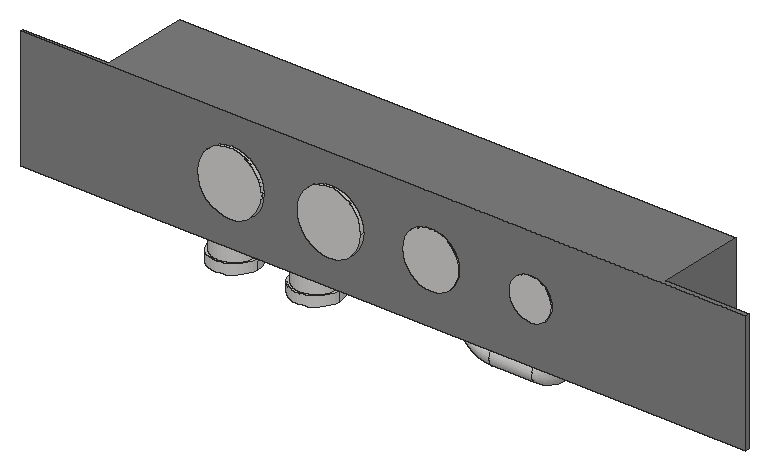
Revit family "5400N", category Generic Models, Revit 2021
Family settings
  Can host rebar = No
  Round Connector Dimension = Use Diameter
  Part Type = Normal
  Work Plane-Based = No
  Always vertical = Yes
  Cut with Voids When Loaded = No
  Shared = No
  Room Calculation Point = No
Parameters
  e-mail = "info@vola.com"
  URL = "http://vola.com"
  Telephone = "+45 7023 5500"
  Quality management standard = "ISO 9001"
  Organisation no. / DUNS no. = "17531328"
  Occupational health and safety management standard = "ISO 18001"
  Mounting Instructions = "http://vola.com/service/producturl.ashx?name=5400N"
  Model = "5400N"
  Materials and components information = "http://vola.com/service/producturl.ashx?name=5400N"
  Manufacturer = "VOLA A/S"
  Maintenance Instructions = "http://vola.com/service/producturl.ashx?name=5400N"
  Guarantee = "2 years"
  Flow = "43,00 l/min"
  Environmental management standard = "ISO 14000"
  Default Elevation = 0.00 mm
  Connection - All relevant connections = ""
  Approvals = "http://vola.com/service/producturl.ashx?name=5400N"
Reference planes
  plane 1 "Center (Front/Back)": y = 0
  plane 2: z = 0
  plane 3 "Center (Left/Right)": x = 0
  plane 4 "Inlet Center Plane": y = -29
  plane 5: z = 85
Forms (mm)
  Extrusion 1, solid, material "Default"
    sketch origin (10, 0, 16) x (1, 0, 0) y (0, 1, 0)
      loop
        line (-147.5, 0) -> (-147.5, -69) -> (288.5, -69) -> (288.5, 0) -> (-147.5, 0)
    from 21.5 to 116.5
  Extrusion 2, solid, material "Default"
    sketch origin (10, -1, 16) x (1, 0, 0) y (0, 1, 0)
      loop
        line (-215, -68) -> (-215, -70.5) -> (353.5, -70.5) -> (353.5, -68) -> (-215, -68)
    from 21.5 to 116.5
  Extrusion 3, solid, material "Stainless Steel"
    sketch origin (-59, -4, 37.5) x (0, 1, 0) y (1, 0, 0)
      loop
        circle (-25, -12) r 16.5
    from 0 to 29.77
  Extrusion 4, solid, material "Stainless Steel"
    sketch origin (5, -4, 37.5) x (0, 1, 0) y (1, 0, 0)
      loop
        circle (-25, -12) r 16.5
    from 0 to 29.77
  Extrusion 5, solid, material "Stainless Steel"
    sketch origin (-51.5, -71.5, 16) x (-1, 0, 0) y (0, 0, -1)
      loop
        circle (-12.5, -69) r 24.89
    from 0 to 2.5
  Extrusion 6, solid, material "Stainless Steel"
    sketch origin (26.5, -71.5, 16) x (-1, 0, 0) y (0, 0, -1)
      loop
        circle (-12.5, -69) r 24.89
    from 0 to 2.5
  Extrusion 7, solid, material "Stainless Steel"
    sketch origin (65.5, -71.5, 16) x (-1, 0, 0) y (0, 0, -1)
      loop
        circle (-51.5, -69) r 22
    from 0 to 0.26
  Extrusion 8, solid, material "Stainless Steel"
    sketch origin (-59, -4, 7.73) x (-1, 0, 0) y (0, 1, 0)
      loop
        circle (12, -25) r 18.5
    from 0 to 7.73
  Extrusion 9, solid, material "Stainless Steel"
    sketch origin (5, -4, 7.73) x (-1, 0, 0) y (0, 1, 0)
      loop
        circle (12, -25) r 18.5
    from 0 to 7.73
  Sweep 10, solid, material "Stainless Steel"
    path origin (92, -35.26, 1219.2) x (-1, 0, 0) y (0, 0, 1)
      loop
        line (-25, -1181.7) -> (-25, -1186.2)
        arc (-25, -1186.2) -> (-31.59, -1202.11) -> (-47.5, -1208.7) r 22.5
        line (-47.5, -1208.7) -> (-80.5, -1208.7)
        arc (-80.5, -1208.7) -> (-96.41, -1202.11) -> (-103, -1186.2) r 22.5
        line (-103, -1186.2) -> (-103, -1181.7)
    profile origin (117, -35.26, 35.25) x (0, 1, 0) y (-1, 0, 0)
      loop
        circle (0, 0) r 7.5
  Extrusion 11, solid, material "Stainless Steel"
    sketch origin (143.5, -71.5, 16) x (-1, 0, 0) y (0, 0, -1)
      loop
        circle (-51.5, -69) r 16.5
    from 0 to 0.26
Cuts and joins
  joined: Extrusion 1, Extrusion 2
Lines and regions (mm)
  reference lines
    curve 1: line (117, -29, 85) -> (117, -121.5, 85)
    curve 2: line (39, -29, 85) -> (39, -121.5, 85)
    curve 3: line (-39, -29, 85) -> (-39, -121.5, 85)
    curve 4: line (-71, -29, 85) -> (-71, -29, -14)
    curve 5: line (-7, -29, 85) -> (-7, -29, -14)
    curve 6: line (117, -35.26, 182.5) -> (117, -35.26, -12.5)
    curve 7: line (195, -29, 85) -> (195, -121.5, 85)
Dimensions and locks
  aligned and locked: plane 2 to level
  aligned and locked: Extrusion 1 to Extrusion 2
  aligned and locked: Extrusion 2 to Extrusion 1
